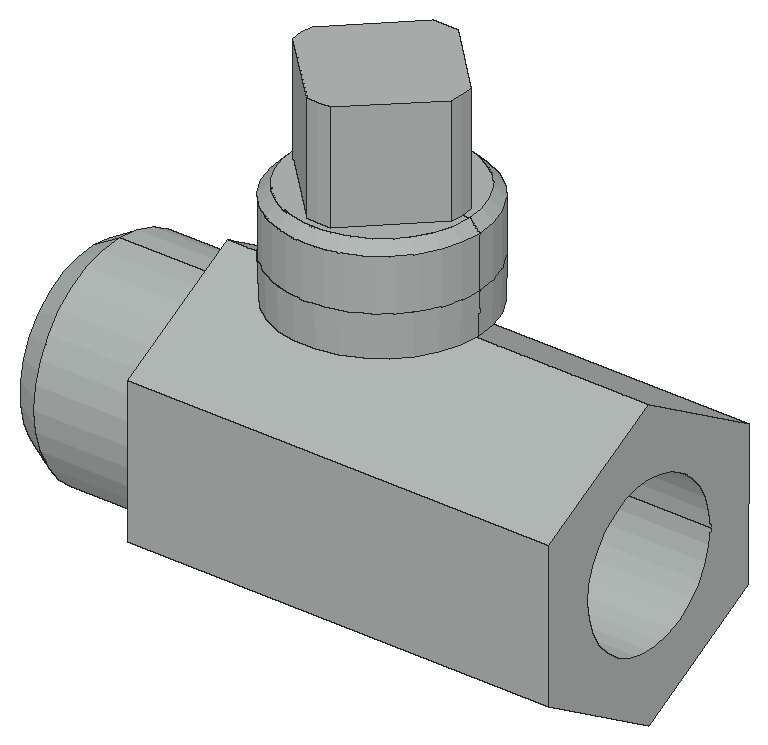
Revit family "QL10700000", category Apparecchi idraulici, Revit 2020
Family settings
  Quota connettore circolare = Usa diametro
  Tipo di parte = Normale
  Numero OmniClass = 23.45.00.00
  Titolo OmniClass = Sanitary, Laundry, and Cleaning Equipment
  Basato su piano di lavoro = No
  Sempre verticale = Sì
  Taglio con vuoti quando caricato = No
  Condiviso = No
  Punto di calcolo locali = No
Parameters
  URL = "https://web.cimberio.com/index.php/figura/35?subcategoria_id=47"
  Temperatura di esercizio = "-20 ÷ 95°C"
  Prospetto di default = 0 mm
  Produttore = "CIMBERIO SPA"
  Pressione nominale = "PN 150"
  Modello = "Cim 014"
  Materiale = "Prodotto in lega di ottone conforme alla norma EN 12165-CW617N-DW"
  Descrizione = "Realizzato in ottemperanza ai requisiti gestionali della norma EN ISO 9001.\r\nUtilizzato per la regolazione della temperatura degli ambienti e comandare apparecchi degli impianti di riscaldamento e condizionamento."
  DN Model [instance] = QL10701015 : QL10701015
  DN [instance] = 15 mm
  Commenti sul tipo = "Utilizzato nei più svariati settori dell'impiantistica: impianti di riscaldamento, condizionamento, idrici, igienico-sanitari, aria compressa e in generale con ogni fluido non corrosivo"
Reference planes
  plane 1 "Centro (Fronte/Retro)": y = 0
  plane 2: z = 0
  plane 3 "Centro (Sinistra/Destra)": x = 0
Dimensions and locks
  aligned and locked: level to plane 2
Nested families
  nested 1: "QL10701015" at (0, 0, 0), type <- "DN Model", type "QL10701015"
  nested 2: "QL10701015" at (0, 0, 0), type <- "DN Model", type "QL10701015"
  nested 3: "QL10701015" at (0, 0, 0), type <- "DN Model", type "QL10701015"
Connectors
  piping at (25.957, 0, 14), diameter 15, driven by "DN"
    settings: on nested 1, index 1, connector inside diameter 609.6 mm, connector length 0 mm, flow factor 0, pipe flow 0.0 L/s, pressure drop 0.0 Pa, fitting loss kfactor 0, connector angle 0.00°, fixture units 0, engagement length 0 mm, angle of deflection 0.00°, flow configuration 0, flow direction 0, fitting loss method 0, system type 7, joint type 0, gender type 0, connector reference index -1, connector utility 0, adjustable connector no, is connector primary yes, connector description ""
  piping at (-27.762, 0, 11.892), diameter 15, driven by "DN"
    settings: on nested 1, index 2, connector inside diameter 609.6 mm, connector length 0 mm, flow factor 0, pipe flow 0.0 L/s, pressure drop 0.0 Pa, fitting loss kfactor 0, connector angle 0.00°, fixture units 0, engagement length 0 mm, angle of deflection 0.00°, flow configuration 0, flow direction 0, fitting loss method 0, system type 7, joint type 0, gender type 0, connector reference index -1, connector utility 0, adjustable connector no, is connector primary no, connector description ""
Definition of nested family "QL10701015"
  Parameters (values of type "QL10701015")
    URL = "https://web.cimberio.com/index.php/figura/1418?subcategoria_id="
    Temperatura di esercizio = "-10 ÷ 110°C"
    Default Elevation = 0 mm
    Manufacturer = "CIMBERIO SPA"
    Pressione nominale = "PN 10"
    Model = "Cim 150VIC"
    Materiale = "Prodotto in lega di ottone conforme alla norma EN 12165-CW617N-DW"
    Description = "Utilizzato nei più svariati settori dell'impiantistica: impianti di riscaldamento, condizionamento, idrici, igienico-sanitari e in generale con ogni fluido non corrosivo"
    DN Model [instance] = HG00081015 : HG00081015
    DN [instance] = 15 mm
    Type Comments = "Realizzato in ottemperanza ai requisiti gestionali della norma EN ISO 9001.\r\nCollaudato al 100% secondo la normativa EN 12266-1"
  Reference planes
    plane 1 "Centro (Fronte/Retro)": y = 0
    plane 2: z = 0
    plane 3 "Centro (Sinistra/Destra)": x = 0
  Forms (mm)
    Extrusion 1, solid
      sketch origin (0, 0, 14) x (0, 1, 0) y (0, 0, 1)
        loop
          circle (0, 0) r 7.5
        loop
          line (0, 14) -> (-12.124, 7) -> (-12.124, -7) -> (0, -14) -> (12.124, -7) -> (12.124, 7) -> (0, 14)
      from -15.043 to 25.957
    Revolve 2, solid
      sketch origin (-0.985, 0, 0) x (1, 0, 0) y (0, 0, 1)
        loop
          line (-14.058, 24.427) -> (-24.564, 24.422) -> (-27.063, 22.977) -> (-27.063, 21.5) -> (-14.058, 21.5) -> (-14.058, 24.427)
        axis (-14.058, 14) -> (-27.063, 14)
      angle from 0 to 360
    Revolve 3, solid
      sketch origin (0, 0, 4.375) x (1, 0, 0) y (0, 0, 1)
        loop
          line (9.5, 32.758) -> (8.5, 33.758) -> (0, 33.758) -> (0, 23.8) -> (9.397, 23.8) -> (9.5, 27.758) -> (9.5, 32.758)
        axis (0, 33.758) -> (0, 23.8)
      angle from 0 to 360
    Extrusion 4, solid
      sketch origin (0, 0, 4.375) x (1, 0, 0) y (0, 1, 0)
        loop
          arc (-7.707, 1.199) -> (-7.8, -0.004) -> (-7.707, -1.207) r 7.8
          line (-7.707, -1.207) -> (-1.203, -7.711)
          arc (-1.203, -7.711) -> (0, -7.804) -> (1.203, -7.711) r 7.8
          line (1.203, -7.711) -> (7.707, -1.207)
          arc (7.707, -1.207) -> (7.8, -0.004) -> (7.707, 1.199) r 7.8
          line (7.707, 1.199) -> (1.203, 7.703)
          arc (1.203, 7.703) -> (0, 7.796) -> (-1.203, 7.703) r 7.8
          line (-1.203, 7.703) -> (-7.707, 1.199)
      from 33.758 to 44.258
  Dimensions and locks
    aligned and locked: level to plane 2
